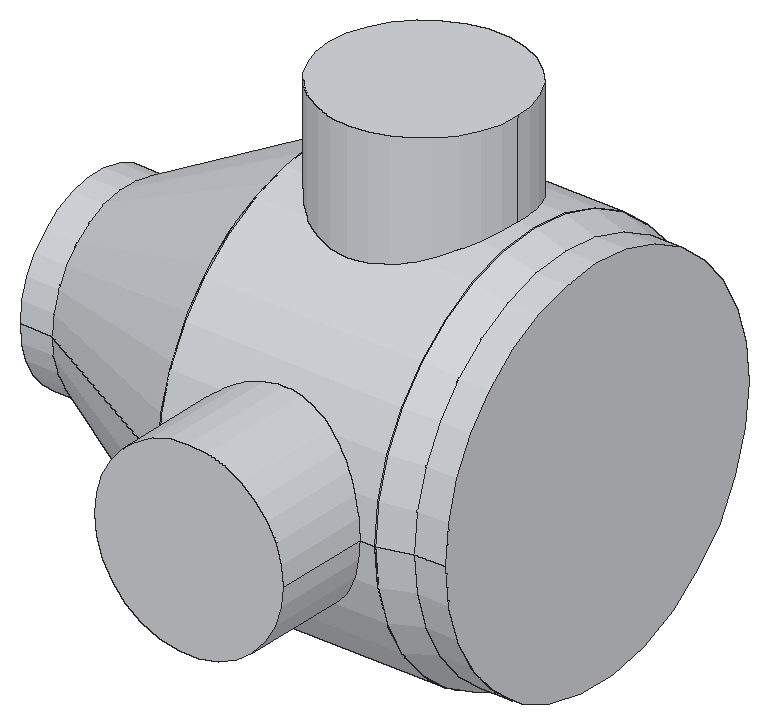
Revit family "M_Cruzamento lateral de transição redonda - 90 Graus - DTL", category Conexões de duto, Revit 2019
Family settings
  Cota do conector redondo = Usar raio
  Tipo de parte = Múltiplas portas
  Número OmniClass = 23.75.70.14
  Título OmniClass = Air Ductwork
  ID de item do Seek = Round Transition Lateral Cross - 90 Degree - DTL-0000-CAN-ENU
  Com base no plano de trabalho = Não
  Sempre na vertical = Sim
  Corte com vazios quando carregada = Não
  Compartilhado = Não
Parameters (values of type "Padrão")
  Saída do comprimento 1 [instance] = if(Saída do comprimento = 0 mm, 1 mm, Saída do comprimento)  # 300 mm
  Entrada do comprimento 1 [instance] = if(Entrada do comprimento = 0 mm, 1 mm, Entrada do comprimento)  # 50 mm
  Saída do colarinho [instance] = 50 mm
  Entrada do colarinho 1 [instance] = if(Entrada do colarinho = 0 mm, 1 mm, Entrada do colarinho)  # 50 mm
  Saída do colarinho 1 [instance] = if(Saída do colarinho = 0 mm, 1 mm, Saída do colarinho)  # 50 mm
  Referência [instance] = (Saída do colarinho 1 + Entrada do colarinho 1 + Entrada do comprimento 1 + Saída do comprimento 1 + Comprimento 14) * 2  # 1590 mm
  Torneira 2 Raio [instance] = 150 mm
  Torneira 1 Raio [instance] = 150 mm
  Entrada do raio [instance] = 300 mm
  Saída do raio [instance] = 150 mm
  Deslocamento 4 [instance] = Raio do corpo + Torneira 2 Deslocamento a partir do centro  # 315 mm
  Deslocamento 3 [instance] = Raio do corpo + Torneira 1 Deslocamento a partir do centro  # 315 mm
  Torneira 2 Deslocamento a partir do centro [instance] = 0 mm
  Torneira 1 Deslocamento a partir do centro [instance] = 0 mm
  Comprimento 9 Horizontal [instance] = if(Torneira 2 Ângulo 1 = 90.00°, Entrada do comprimento + Entrada do colarinho 1 + abs(Torneira 2 Raio / sin(Torneira 2 Ângulo 1)) + Inserção da torneira 2 + Referência / 2, Entrada do comprimento + Entrada do colarinho 1 + abs(Torneira 2 Raio / sin(Torneira 2 Ângulo 1)) + Inserção da torneira 2 + (Raio 1) / tan(Torneira 2 Ângulo 1) + Referência / 2)  # 1070 mm
  Comprimento 8 Horizontal [instance] = if(Torneira 1 Ângulo 1 = 90.00°, Entrada do comprimento + Entrada do colarinho 1 + abs(Torneira 1 Raio / sin(Torneira 1 Ângulo 1)) + Inserção da torneira 1 + Referência / 2, Entrada do comprimento + Entrada do colarinho 1 + abs(Torneira 1 Raio / sin(Torneira 1 Ângulo 1)) + Inserção da torneira 1 + (Raio 1) / tan(Torneira 1 Ângulo 1) + Referência / 2)  # 1070 mm
  Comprimento 9 [instance] = if(Torneira 2 Ângulo 1 = 90.00°, Torneira 2 Comprimento + Comprimento 10, Comprimento 10 + Torneira 2 Comprimento + abs(Torneira 2 Raio / tan(Torneira 2 Ângulo 1)))  # 465 mm
  Comprimento 8 [instance] = if(Torneira 1 Ângulo 1 = 90.00°, Torneira 1 Comprimento + Comprimento 11, Comprimento 11 + Torneira 1 Comprimento + abs(Torneira 1 Raio / tan(Torneira 1 Ângulo 1)))  # 465 mm
  Comprimento 7 [instance] = Entrada do comprimento + Entrada do colarinho 1  # 100 mm
  Comprimento 6 [instance] = Saída do comprimento + Saída do colarinho 1  # 350 mm
  Torneira 1 Comprimento [instance] = 150 mm
  Torneira 2 Comprimento [instance] = 150 mm
  Entrada do comprimento [instance] = 50 mm
  Saída do comprimento [instance] = 300 mm
  Comprimento 14 [instance] = Comprimento do corpo  # 345 mm
  Comprimento 13 [instance] = if(Torneira 2 Deslocamento a partir do centro = 0 mm, Raio do corpo - 0.298 mm, Deslocamento 4)  # 314.702 mm
  Comprimento 12 [instance] = if(Torneira 1 Deslocamento a partir do centro = 0 mm, 0.298 mm + Raio do corpo, Deslocamento 3)  # 315.298 mm
  Comprimento 11 [instance] = Raio 1 / sin(Torneira 1 Ângulo 1)  # 315 mm
  Comprimento 10 [instance] = Raio 1 / sin(Torneira 2 Ângulo 1)  # 315 mm
  Entrada do colarinho [instance] = 50 mm
  Comprimento do corpo [instance] = 345 mm
  Inserção da torneira 2 [instance] = 25 mm
  Inserção da torneira 1 [instance] = 25 mm
  Torneira 2 Diâmetro [instance] = Torneira 2 Raio * 2  # 300 mm
  Diâmetro da torneira 1 [instance] = Torneira 1 Raio * 2  # 300 mm
  Entrada do diâmetro [instance] = Entrada do raio * 2  # 600 mm
  Saída do diâmetro [instance] = Saída do raio * 2  # 300 mm
  Raio 1 [instance] = if(and(Raio do corpo < Saída do raio, Saída do raio > Entrada do raio), Saída do raio, if(and(Raio do corpo < Entrada do raio, Entrada do raio > Saída do raio), Entrada do raio, Raio do corpo))  # 315 mm
  Raio do corpo [instance] = 315 mm
  Diâmetro do corpo [instance] = Raio do corpo * 2  # 630 mm
  Assembly Code = ""
  Torneira 2 Ângulo 1 [instance] = 90.00°
  Torneira 1 Ângulo 1 [instance] = 90.00°
Reference planes
  plane 1 "Centro (Frente/Trás)": y = 0
  plane 2: z = 0
  plane 3 "Centro (Esquerda/Direita)": x = 0
  plane 4: x = -172.5
  plane 5: x = 172.5
  plane 6: x = -472.5
  plane 7: x = -522.5
  plane 8: x = 272.5
  plane 9: x = 222.5
  plane 10: x = -2.5
  plane 11: y = 315
  plane 12: y = -315
  plane 13: z = 0
  plane 14: z = -315
  plane 15: x = -2.5
  plane 16: z = 0.298
  plane 17: y = 0
  plane 18: y = -0.298
  plane 19: x = 1067.5
Forms (mm)
  SweptBlend 1, solid, detail levels medium+fine
    path in 3D
      loop
        line (-172.5, 0, 0) -> (-472.5, 0, 0)
    profile origin (-172.5, 0, 0) x (0, -1, 0) y (0, 0, 1)
      loop
        circle (0, 0) r 315
    end profile origin (-472.5, 0, 0) x (0, -1, 0) y (0, 0, 1)
      loop
        circle (0, 0) r 150
  SweptBlend 2, solid, detail levels medium+fine
    path in 3D
      loop
        line (172.5, 0, 0) -> (222.5, 0, 0)
    profile origin (172.5, 0, 0) x (0, 1, 0) y (0, 0, 1)
      loop
        circle (0, 0) r 315
    end profile origin (222.5, 0, 0) x (0, 1, 0) y (0, 0, 1)
      loop
        circle (0, 0) r 300
  Sweep 3, solid, detail levels medium+fine
    path in 3D
      loop
        line (-522.5, 0, 0) -> (-172.5, 0, 0)
    profile origin (-347.5, 0, 0) x (0, 1, 0) y (0, 0, 1)
      loop
        circle (0, 0) r 150
  Sweep 4, solid, detail levels medium+fine
    path in 3D
      loop
        line (172.5, 0, 0) -> (272.5, 0, 0)
    profile origin (222.5, 0, 0) x (0, 1, 0) y (0, 0, 1)
      loop
        circle (0, 0) r 300
  Sweep 5, solid, detail levels medium+fine
    path in 3D
      loop
        line (-172.5, 0, 0) -> (172.5, 0, 0)
    profile origin (0, 0, 0) x (0, 1, 0) y (0, 0, 1)
      loop
        circle (0, 0) r 315
  Sweep 6, solid, detail levels medium+fine
    path in 3D
      loop
        line (-2.5, 0, 0) -> (-2.5, -465, 0)
    profile origin (-2.5, -232.5, 0) x (1, 0, 0) y (0, 0, 1)
      loop
        circle (0, 0) r 150
  Sweep 7, solid, not visible
    path in 3D
      loop
        line (-2.5, 0, 0) -> (-2.5, -465, 0)
    profile origin (-2.5, -232.5, 0) x (1, 0, 0) y (0, 0, 1)
      loop
        line (0, 150) -> (0, 0) -> (150, 0)
        arc (150, 0) -> (106.066, 106.066) -> (0, 150) r 150
  Sweep 8, solid, detail levels medium+fine
    path in 3D
      loop
        line (-2.5, 0, 0) -> (-2.5, 0, 465)
    profile origin (-2.5, 0, 232.5) x (-1, 0, 0) y (0, -1, 0)
      loop
        circle (0, 0) r 150
  Sweep 9, solid, not visible
    path in 3D
      loop
        line (-2.5, 0, 0) -> (-2.5, 0, 465)
    profile origin (-2.5, 0, 232.5) x (-1, 0, 0) y (0, -1, 0)
      loop
        line (0, -150) -> (0, 0) -> (-150, 0)
        arc (-150, 0) -> (-106.066, -106.066) -> (0, -150) r 150
Cuts and joins
  joined: SweptBlend 1, Sweep 3
  joined: SweptBlend 2, Sweep 4
  joined: Sweep 5, Sweep 6, Sweep 8
Lines and regions (mm)
  model lines, detail levels coarse
    curve 1: line (-172.5, 0, 0) -> (172.5, 0, 0)
    curve 2: line (-172.5, 0, 0) -> (-472.5, 0, 0)
    curve 3: line (172.5, 0, 0) -> (222.5, 0, 0)
    curve 6: line (-522.5, 0, 0) -> (-172.5, 0, 0)
    curve 8: line (172.5, 0, 0) -> (272.5, 0, 0)
    curve 14: line (-2.5, 0, 0) -> (-2.5, -465, 0)
    curve 15: line (-2.5, 0, 0.298) -> (-2.5, 0, 0)
    curve 19: line (-2.5, 0, 465) -> (-2.5, 0, 0)
    curve 20: line (-2.5, -0.298, 0) -> (-2.5, 0, 0)
  sketch lines
    curve 4: line (-172.5, 0, 0) -> (-472.5, 0, 0)
    curve 5: line (172.5, 0, 0) -> (222.5, 0, 0)
    curve 7: line (-522.5, 0, 0) -> (-172.5, 0, 0)
    curve 9: line (172.5, 0, 0) -> (272.5, 0, 0)
    curve 10: line (-172.5, 0, 0) -> (172.5, 0, 0)
    curve 12: line (-2.5, 0, 0) -> (-2.5, -465, 0)
    curve 13: line (-2.5, 0, 0) -> (-2.5, -465, 0)
    curve 17: line (-2.5, 0, 0) -> (-2.5, 0, 465)
    curve 18: line (-2.5, 0, 0) -> (-2.5, 0, 465)
  reference lines
    curve 11: line (-2.5, 0, 0) -> (-2.5, -465, 0)
    curve 16: line (-2.5, 0, 0) -> (-2.5, 0, 465)
Dimensions and locks
  equal spacing: plane 4, plane 3 "Centro (Esquerda/Direita)", plane 5
  "Comprimento 14": plane 4 to plane 5
  "Saída do comprimento 1": plane 6 to plane 4
  "Entrada do comprimento 1": plane 5 to plane 9
  "Raio do corpo": plane 11 to plane 1 "Centro (Frente/Trás)"
  "Raio do corpo": plane 12 to plane 1 "Centro (Frente/Trás)"
  "Raio do corpo": plane 2 to plane 14
  "Deslocamento 3": plane 13 to plane 14
  "Comprimento 8": curve 11 to curve 11
  "Comprimento 12": plane 16 to plane 14
  "Deslocamento 4": plane 17 to plane 12
  "Comprimento 13": plane 18 to plane 12
  "Comprimento 9": curve 16 to curve 16
  "Referência": plane 7 to plane 19
  "Comprimento 8 Horizontal": plane 15 to plane 19
  "Comprimento 9 Horizontal": plane 10 to plane 19
  "Entrada do colarinho 1": plane 9 to plane 8
  "Saída do colarinho 1": plane 7 to plane 6
  "Raio 1": radius of SweptBlend 1 sketch curve
  "Saída do raio": radius of SweptBlend 1 sketch curve
  "Raio 1": radius of SweptBlend 2 sketch curve
  "Entrada do raio": radius of SweptBlend 2 sketch curve
  "Saída do raio": radius of Sweep 3 sketch curve
  "Entrada do raio": radius of Sweep 4 sketch curve
  "Raio 1": radius of Sweep 5 sketch curve
  "Torneira 1 Raio": radius of Sweep 6 sketch curve
  "Torneira 1 Raio": radius of Sweep 7 sketch curve
  "Torneira 2 Raio": radius of Sweep 8 sketch curve
  "Torneira 2 Raio": radius of Sweep 9 sketch curve
  "Torneira 1 Ângulo 1": angle curve 11 to plane 1 "Centro (Frente/Trás)"
  "Torneira 2 Ângulo 1": angle plane 2 to curve 16
  aligned and locked: plane 1 "Centro (Frente/Trás)" to curve 1
  aligned and locked: plane 5 to curve 1
  aligned and locked: plane 6 to curve 2
  aligned and locked: plane 9 to curve 3
  aligned and locked: plane 2 to SweptBlend 1 sketch curve  (x2)
  aligned and locked: plane 1 "Centro (Frente/Trás)" to SweptBlend 1 sketch curve  (x2)
  aligned and locked: plane 1 "Centro (Frente/Trás)" to SweptBlend 2 sketch curve  (x2)
  aligned and locked: plane 2 to SweptBlend 2 sketch curve  (x2)
  aligned and locked: plane 1 "Centro (Frente/Trás)" to curve 6
  aligned and locked: plane 4 to curve 6
  aligned and locked: plane 7 to curve 6
  aligned and locked: plane 1 "Centro (Frente/Trás)" to Sweep 3 sketch curve
  aligned and locked: plane 2 to Sweep 3 sketch curve
  aligned and locked: plane 8 to curve 8
  aligned and locked: plane 1 "Centro (Frente/Trás)" to Sweep 4 sketch curve
  aligned and locked: plane 2 to Sweep 4 sketch curve
  aligned and locked: plane 2 to Sweep 5 sketch curve
  aligned and locked: plane 1 "Centro (Frente/Trás)" to Sweep 5 sketch curve
  aligned and locked: plane 1 "Centro (Frente/Trás)" to curve 11
  aligned and locked: plane 15 to curve 11
  aligned and locked: plane 13 to Sweep 6 sketch curve
  aligned and locked: plane 13 to Sweep 7 sketch curve
  aligned and locked: plane 16 to curve 15
  aligned and locked: plane 2 to curve 16
  aligned and locked: plane 10 to curve 16
  aligned and locked: plane 17 to Sweep 9 sketch curve
  aligned and locked: plane 18 to curve 20
  aligned and locked: plane 17 to Sweep 8 sketch curve
Automatic sketch dimensions
  Sweep 6 sketch curve to profile plane = 0 mm
  Sweep 7 sketch curve to profile plane = 0 mm
  Sweep 7 sketch curve to Sweep 7 sketch curve = 0 mm
  curve 14 to Sweep 7 = 0 mm  (x3)
  curve 15 to level = 0 mm
  curve 15 to plane 1 "Centro (Frente/Trás)" = 0 mm
  plane 13 to curve 15 = 0.298 mm
  Sweep 8 sketch curve to profile plane = 0 mm
  Sweep 9 sketch curve to profile plane = 0 mm
  curve 19 to Sweep 9 = 0 mm  (x3)
  curve 20 to plane 10 = 0 mm
Connectors
  hvac at (-522.5, 0, 0), driven by "Saída do raio"
    settings: on cut or joined group of SweptBlend 1, Sweep 3, index 1, duct flow 0.0 L/s, flow factor 0, pres drop 0.0 Pa, loss coef 0, conn angle 0.00°, conn width 304.8 mm, conn height 304.8 mm, conn diameter 300 mm, duct sys type 28, conn prof type 0, flow config 0, flow direction 0, loss method 0, conn ref index 2, conn util no, is conn primary yes, conn desc ""
  hvac at (272.5, 0, 0), driven by "Entrada do raio"
    settings: on cut or joined group of SweptBlend 2, Sweep 4, index 2, duct flow 0.0 L/s, flow factor 0, pres drop 0.0 Pa, loss coef 0, conn angle 0.00°, conn width 304.8 mm, conn height 304.8 mm, conn diameter 600 mm, duct sys type 28, conn prof type 0, flow config 0, flow direction 0, loss method 0, conn ref index 1, conn util no, is conn primary no, conn desc ""
  hvac at (-2.5, -465, 0), driven by "Torneira 1 Raio", driven by "Torneira 1 Ângulo 1"
    settings: on cut or joined group of Sweep 5, Sweep 6, Sweep 8, index 3, duct flow 0.0 L/s, flow factor 0, pres drop 0.0 Pa, loss coef 0, conn angle 90.00°, conn width 304.8 mm, conn height 304.8 mm, conn diameter 300 mm, duct sys type 28, conn prof type 0, flow config 0, flow direction 0, loss method 0, conn ref index -1, conn util no, is conn primary no, conn desc ""
  hvac at (-2.5, 0, 465), driven by "Torneira 2 Ângulo 1", driven by "Torneira 2 Raio"
    settings: on cut or joined group of Sweep 5, Sweep 6, Sweep 8, index 4, duct flow 0.0 L/s, flow factor 0, pres drop 0.0 Pa, loss coef 0, conn angle 90.00°, conn width 304.8 mm, conn height 304.8 mm, conn diameter 300 mm, duct sys type 28, conn prof type 0, flow config 0, flow direction 0, loss method 0, conn ref index -1, conn util no, is conn primary no, conn desc ""
